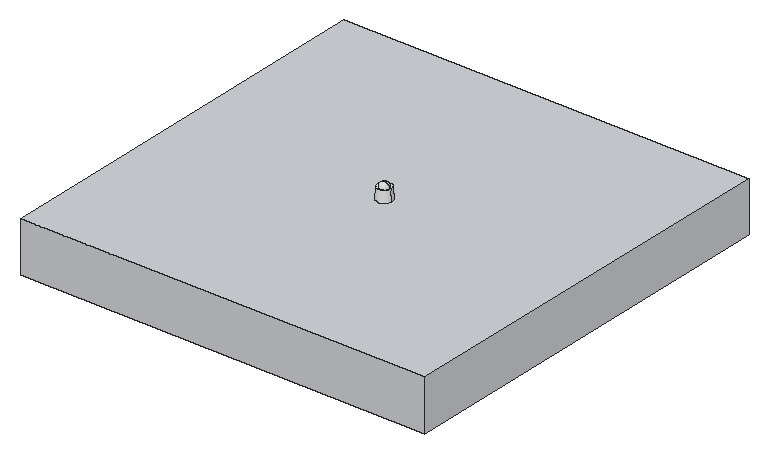
Revit family "Legrand_Gestion_eclairage_Detect_mvt_autonome_360D_Orientable_Plafond", category Dispositifs d'éclairage, Revit 2020
Family settings
  Hôte = Face
  Conserver l'orientation des annotations = Non
  Cote de connecteur circulaire = Utiliser le diamètre
  Type d'élément = Normal
  Couper avec des vides une fois chargée = Non
  Partagée = Non
  Point de calcul de pièce = Non
Parameters
  Ø zone en plan [instance] = 6000 mm
  Zone de detection [instance] = no
  URL = "http://www.legrandoc.com/048898"
  Télécommandable = "non"
  Type de tension = "AC"
  Tension nominale (V) = "230"
  Température (MIN) (°C) = 0
  Température (MAX) (°C) = 55
  Sensibilité réglable = "oui"
  Sensibilité lumineuse réglable = "oui"
  Sensibilité lumineuse (MIN) (lx) = 10
  Sensibilité lumineuse (MAX) (lx) = 4000
  Réglage de lumière constante = "oui"
  Product ID = "048898"
  Numéro RAL = "9003"
  Mode de montage = "apparent"
  Indication distance [instance] = Ø zone en plan / 1000  # 6 mm
  Image du type = PH3.jpg
  Hauteur maxi de montage (m) = "4"
  Gestion alarme = "non"
  Gestion CVC = "non"
  Fréquence (MIN) (Hz) = 50
  Fréquence (MAX) (Hz) = 60
  Fonction variateur intégrée = "non"
  Fabricant = "LEGRAND"
  Exécution = "détecteur de mouvement"
  Etiquette [instance] = no
  Entrée secondaire = "non"
  Default Elevation = 0 mm
  ETIM-5.0 Class = "EC000133"
  Durée d'enclenchement min (s) = "12"
  Durée d'enclenchement max (mn) = "16"
  Description = "PIR INTER DETECT.SAILLIE PACK"
  Courant de démarrage max (A) = "4.2"
  Coupure forcée = "non"
  Couleur = "blanc"
  Condition Générale d'Utilisation = "https://export.legrand.com/CGU-objets-BIM"
  Code d'assemblage = "D5010200"
  Classe de protection (IP) = "IP55"
  Capacité de coupure max (W) = 1000
  Angle de détection horizontal (MIN) (°) = 0
  Angle de détection horizontal (MAX) (°) = 360
  Adapté pour transmission sans fil = "non"
Reference planes
  plane 1 "Centre (avant/arrière)": y = 0
  plane 2: z = 0
  plane 3 "Centre (gauche/droite)": x = 0
Forms (mm)
  Extrusion 1, solid
    sketch origin (0, 0, 0) x (1, 0, 0) y (0, 1, 0)
      loop
        line (-1219.2, 1219.2) -> (-1219.2, -1219.2) -> (1219.2, -1219.2) -> (1219.2, 1219.2) -> (-1219.2, 1219.2)
    from 0 to -304.8
Dimensions and locks
  aligned and locked: plane 2 to Extrusion 1
  aligned and locked: level to Extrusion 1
  aligned and locked: nested 1 to plane 3 "Centre (gauche/droite)"
  aligned and locked: nested 1 to plane 1 "Centre (avant/arrière)"
  aligned and locked: nested 2 to plane 2
  aligned and locked: plane 3 "Centre (gauche/droite)" to nested 2
  aligned and locked: plane 1 "Centre (avant/arrière)" to nested 2
Nested families
  nested 1: "Zone Plafond" at (0, 0, 0), visible <- "Zone de detection", Ø zone en plan <- "Ø zone en plan", type "Zone Plafond"
    with Ø zone en plan 6000 mm, Ø Interieur 4000 mm
  nested 2: "048898" at (0, 0, 0), type "048898"
  nested 3: "Symbole B" at (0, 0, 0), type "Symbole B"
  nested 4: "Détection 360° 8x6m" at (0, 199.077, 0), visible <- "Etiquette", Indication distance <- "Indication distance", type "Détection 360° 8x6m"
    with Indication distance 6 mm
Connectors
  electrical at (0, 0, 0)
    settings: on nested 2, index 1, voltage 230 V, apparent load 0 VA, apparent load phase1 0 VA, apparent load phase2 0 VA, apparent load phase3 0 VA, power factor 1, load classification "Autre", number of poles 1, system type 31, power factor state 1, is connector primary yes, connector utility no, sub classification motor no, connector description ""
Definition of nested family "048898"
  Parameters (values of type "048898")
    Default Elevation = 0 mm
  Reference planes
    plane 1 "Centre (avant/arrière)": y = 0
    plane 2: z = 0
    plane 3 "Centre (gauche/droite)": x = 0
  Forms (mm)
    Revolve 1, solid
      sketch origin (0, 0, 0) x (-1, 0, 0) y (0, 0, -1)
        loop
          line (0, 0) -> (0, -65.2) -> (41, -65.2)
          arc (41, -65.2) -> (43.378, -32.633) -> (44.526, 0) r 865.317
          line (44.526, 0) -> (0, 0)
        axis (0, 0) -> (0, -65.2)
      angle from 0 to 360
    Revolve 2, solid
      sketch origin (0, 0, 0) x (-1, 0, 0) y (0, 0, -1)
        loop
          arc (0, -91.691) -> (18.988, -83.722) -> (27.988, -65.2) r 29.184
          line (27.988, -65.2) -> (0, -65.2) -> (0, -91.691)
        axis (0, -65.2) -> (0, -91.691)
      angle from 0 to 360
  Dimensions and locks
    aligned and locked: level to plane 2
Definition of nested family "Zone Plafond"
  Parameters (values of type "Zone Plafond")
    Ø zone en plan [instance] = 4000 mm
    Ø Interieur [instance] = Ø zone en plan / 1.5  # 2666.667 mm
  Reference planes
    plane 1 "Centre (avant/arrière)": y = 0
    plane 2: z = 0
    plane 3 "Centre (gauche/droite)": x = 0
  Lines and regions (mm)
    detail lines, in view "Niveau de réf."
      curve 1: circle (0, 0, 0) r 2000 normal (0, 0, 1)
  Dimensions and locks
    "Ø zone en plan": diameter of curve 1
    aligned and locked: plane 3 "Centre (gauche/droite)" to curve 1
    aligned and locked: plane 1 "Centre (avant/arrière)" to curve 1
Definition of nested family "Symbole B"
  Reference planes
    plane 1: y = 0
    plane 2: x = 0
  Lines and regions (mm)
    detail lines
      curve 1: circle (0, 0, 0) r 0.928 normal (0, 0, 1)
      curve 2: circle (0, 0, 0) r 0.586 normal (0, 0, 1)
      curve 3: spline (-1.335, -1.994, 0) -> (-1.233, -1.818, 0) -> (-1.159, -1.651, 0) -> (-1.116, -1.498, 0) -> (-1.105, -1.365, 0) -> (-1.126, -1.255, 0) -> (-1.179, -1.172, 0) -> (-1.261, -1.119, 0) -> (-1.371, -1.098, 0) -> (-1.505, -1.11, 0) -> (-1.657, -1.153, 0) -> (-1.825, -1.227, 0) -> (-2.001, -1.329, 0)
      curve 4: spline (-1.074, -1.746, 0) -> (-0.972, -1.57, 0) -> (-0.898, -1.403, 0) -> (-0.855, -1.25, 0) -> (-0.844, -1.116, 0) -> (-0.865, -1.006, 0) -> (-0.917, -0.924, 0) -> (-1, -0.871, 0) -> (-1.11, -0.85, 0) -> (-1.244, -0.861, 0) -> (-1.396, -0.905, 0) -> (-1.564, -0.978, 0) -> (-1.74, -1.08, 0)
      curve 5: spline (1.335, -1.994, 0) -> (1.233, -1.818, 0) -> (1.159, -1.651, 0) -> (1.116, -1.498, 0) -> (1.105, -1.365, 0) -> (1.126, -1.255, 0) -> (1.179, -1.172, 0) -> (1.261, -1.119, 0) -> (1.371, -1.098, 0) -> (1.505, -1.11, 0) -> (1.657, -1.153, 0) -> (1.825, -1.227, 0) -> (2.001, -1.329, 0)
      curve 6: spline (1.074, -1.746, 0) -> (0.972, -1.57, 0) -> (0.898, -1.403, 0) -> (0.855, -1.25, 0) -> (0.844, -1.116, 0) -> (0.865, -1.006, 0) -> (0.917, -0.924, 0) -> (1, -0.871, 0) -> (1.11, -0.85, 0) -> (1.244, -0.861, 0) -> (1.396, -0.905, 0) -> (1.564, -0.978, 0) -> (1.74, -1.08, 0)
  Text (mm)
    text "IR" at (-0.268, -1.959, 0)
Definition of nested family "Détection 360° 8x6m"
  Parameters (values of type "Détection 360° 8x6m")
    Indication distance [instance] = 0 mm
  Reference planes
    plane 1: y = 0
    plane 2: x = 0
  Text (mm)
    label "Détection 360°, 8xIndication distancem à 2,5m haut" at (-0.885, 0.234, 0), shows "Indication distance"
